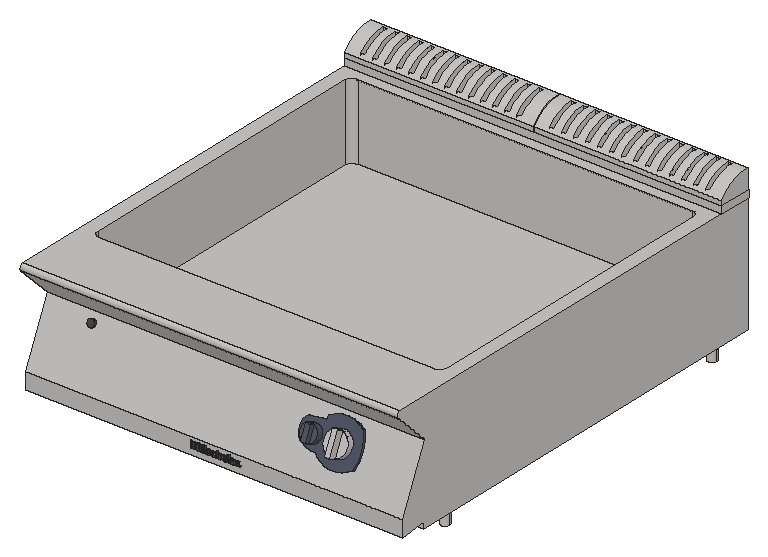
Revit family "QF_ELECTROLUXPROFESSIONAL_391110_E9BMGHB000", category Specialty Equipment, Revit 2018
Family settings
  Round Connector Dimension = Use Diameter
  Part Type = Normal
  Work Plane-Based = No
  Always vertical = Yes
  Cut with Voids When Loaded = No
  Shared = No
  Room Calculation Point = No
Parameters
  Width = 800 mm  # constant formula
  Weight in Pounds = 45  # constant formula
  Watts = 0 W
  Waste Water Discharge Temperature [instance] = -459.67 °F
  URL Cutsheet = "www.electrolux.com"
  URL = "www.electrolux.com"
  Type Mark [instance] = ""
  Status [instance] = ""
  Specification by User [instance] = ""
  Specification by Manufacturer = ""
  Show Logo [instance] = yes
  Show Clearance [instance] = yes
  Serial Number = ""
  Seismic Rating = ""
  SMACNA No = ""
  Revision Code [instance] = ""
  Plumbing Remarks [instance] = ""
  Plumbing Connection Type [instance] = ""
  Omniclass Number and Title = ""
  NAFEM Spec ID Number = ""
  Model = "391110"
  Mechanical Remarks [instance] = ""
  Mechanical Connection Type [instance] = ""
  Masterspec = ""
  Manufacturer = "ELECTROLUX"
  Item Number [instance] = ""
  Installed By [instance] = ""
  Indirect Waste Size = 50 mm  # 1.9685"
  Indirect Waste Flow [instance] = 0 GPM
  Indirect Waste Connection Type [instance] = ""
  Indirect Waste Connection Height [instance] = 0 mm
  Identify Quantity as Lot [instance] = yes
  Height [instance] = 251 mm  # constant formula
  HP = "0 HP"
  Gas Size = 19.1 mm  # 0.75197"
  Gas RI Height [instance] = 0 mm
  Gas KW [instance] = 6.2  # constant formula
  Gas Input [instance] = 6194.29 VA  # 21135.8 Btu/h
  Gas Connection Height = 0 mm
  Furnished By [instance] = ""
  Foodservice Equipment Identifier [instance] = yes
  Direct Waste Size = 3/4"
  Description = "900XP GAS BAIN MARIE TOP, FULL MODULE - NATURAL/LPG GAS"
  Depth = 930 mm  # constant formula
  CSI MasterFormat = ""
  CSI Master Format = ""
Reference planes
  plane 1 "BACK": y = 0
  plane 2: z = 0
  plane 3 "LEFT": x = 0
  plane 4 "RIGHT": x = 800
  plane 5 "FRONT": y = -930
  plane 6 "TOP": z = 275
  plane 7 "Center Y": x = 400
  plane 8 "Center X": y = -465
  plane 9: z = 24
  plane 10: x = 748
  plane 11: z = 332
  plane 12: x = 11
  plane 13: x = 789
  plane 14: y = -92.539
  plane 15: y = -777.539
  plane 16: x = 675
Forms (mm)
  Extrusion 1, solid, material "QF_Finishes_Stainless Steel"
    sketch origin (0, 0, 0) x (0, 1, 0) y (0, 0, 1)
      loop
        line (0, 275) -> (-922.686, 275)
        arc (-922.686, 275) -> (-929.443, 270.485) -> (-927.858, 262.514) r 7.314
        line (-927.858, 262.514) -> (-856.79, 191.447) -> (-915, 64.975) -> (-915, 30.708) -> (-859.774, 36.513) -> (-859.774, 24) -> (0, 24) -> (0, 275)
    from 0 to 800
  Extrusion 2, solid, material "QF_Finishes_Stainless Steel"
    sketch origin (0, 0, 0) x (1, 0, 0) y (0, 1, 0)
      loop
        circle (11, -82) r 9.525
      loop
        circle (11, -790) r 9.525
      loop
        circle (789, -82) r 9.525
      loop
        circle (789, -790) r 9.525
    from 0 to 24
  Extrusion 3, solid, material "QF_Finishes_Stainless Steel"
    sketch origin (0, 0, 275) x (0, -1, 0) y (1, 0, 0)
      loop
        line (69.85, 0) -> (69.85, 800) -> (0, 800) -> (0, 0) -> (69.85, 0)
    from 0 to 15
  Extrusion 4, void
    sketch origin (0, 0, 275) x (0, -1, 0) y (1, 0, 0)
      loop
        arc (92.539, 45) -> (96.932, 34.393) -> (107.539, 30) r 15
        line (107.539, 30) -> (762.539, 30)
        arc (762.539, 30) -> (773.145, 34.393) -> (777.539, 45) r 15
        line (777.539, 45) -> (777.539, 755)
        arc (777.539, 755) -> (773.145, 765.607) -> (762.539, 770) r 15
        line (762.539, 770) -> (107.539, 770)
        arc (107.539, 770) -> (96.932, 765.607) -> (92.539, 755) r 15
        line (92.539, 755) -> (92.539, 45)
    from 0 to -160
  Extrusion 5, solid, material "QF_Finishes_Stainless Steel"
    sketch origin (0, -140.6, 24) x (-1, 0, 0) y (0, 1, 0)
      loop
        circle (-748, -523.4) r 9.525
    from 0 to 20
  Extrusion 6, solid, material "QF_Clearances", visible <- "Show Clearance", detail levels coarse
    sketch origin (0, 0, 0) x (1, 0, 0) y (0, 1, 0)
      loop
        line (0, 0) -> (800, 0) -> (800, -930) -> (950, -930) -> (950, 150) -> (-150, 150) -> (-150, -930) -> (0, -930) -> (0, 0)
    from 0 to 332
  Extrusion 7, solid, material "QF_Finishes_Stainless Steel"
    sketch origin (-10.353, -15.237, 24) x (-1, 0, 0) y (0, 1, 0)
      loop
        circle (-685.353, -122.763) r 25
    from 0 to 20
  Extrusion 8, solid, material "QF_Finishes_Stainless Steel"
    sketch origin (0, 0, 0.362) x (0, 1, 0) y (0, 0, 1)
      loop
        line (0, 289.637) -> (0, 331.738)
        arc (0, 331.738) -> (-38.857, 324.552) -> (-69.85, 300.038) r 82.056
        line (-69.85, 300.038) -> (-69.85, 289.637) -> (0, 289.637)
    from 0 to 400
  Extrusion 9, void
    sketch origin (0, 0, 275) x (0, -1, 0) y (1, 0, 0)
      loop
        line (6.761, 29.703) -> (63.911, 29.703) -> (63.911, 38.999) -> (6.761, 38.999) -> (6.761, 29.703)
      loop
        line (63.911, 64.487) -> (6.761, 64.487) -> (6.761, 55.191) -> (63.911, 55.191) -> (63.911, 64.487)
      loop
        line (63.911, 89.975) -> (6.761, 89.975) -> (6.761, 80.68) -> (63.911, 80.68) -> (63.911, 89.975)
      loop
        line (63.911, 115.464) -> (6.761, 115.464) -> (6.761, 106.168) -> (63.911, 106.168) -> (63.911, 115.464)
      loop
        line (63.911, 140.952) -> (6.761, 140.952) -> (6.761, 131.656) -> (63.911, 131.656) -> (63.911, 140.952)
      loop
        line (63.911, 166.44) -> (6.761, 166.44) -> (6.761, 157.145) -> (63.911, 157.145) -> (63.911, 166.44)
      loop
        line (63.911, 191.929) -> (6.761, 191.929) -> (6.761, 182.633) -> (63.911, 182.633) -> (63.911, 191.929)
      loop
        line (63.911, 217.417) -> (6.761, 217.417) -> (6.761, 208.121) -> (63.911, 208.121) -> (63.911, 217.417)
      loop
        line (63.911, 242.905) -> (6.761, 242.905) -> (6.761, 233.61) -> (63.911, 233.61) -> (63.911, 242.905)
      loop
        line (63.911, 268.394) -> (6.761, 268.394) -> (6.761, 259.098) -> (63.911, 259.098) -> (63.911, 268.394)
      loop
        line (63.911, 293.882) -> (6.761, 293.882) -> (6.761, 284.586) -> (63.911, 284.586) -> (63.911, 293.882)
      loop
        line (63.911, 319.37) -> (6.761, 319.37) -> (6.761, 310.075) -> (63.911, 310.075) -> (63.911, 319.37)
      loop
        line (63.911, 344.859) -> (6.761, 344.859) -> (6.761, 335.563) -> (63.911, 335.563) -> (63.911, 344.859)
      loop
        line (63.911, 370.347) -> (6.761, 370.347) -> (6.761, 361.051) -> (63.911, 361.051) -> (63.911, 370.347)
    from 25.4 to 63.5
  Extrusion 10, solid, material "QF_Finishes_Navy Blue"
    sketch origin (101.789, -908.962, 78.095) x (0, 0.418102, 0.9084) y (-1, 0, 0)
      loop
        arc (104.355, -502.587) -> (101.326, -501.258) -> (98.25, -500.039) r 91.066
        arc (98.25, -500.039) -> (96.592, -482.449) -> (93.213, -465.107) r 179.528
        arc (93.213, -465.107) -> (69.244, -452.795) -> (45.274, -465.107) r 29.489
        arc (45.274, -465.107) -> (38.909, -481.441) -> (37.449, -498.912) r 61.044
        arc (37.449, -498.912) -> (34.471, -499.962) -> (31.532, -501.116) r 91.066
        arc (31.532, -501.116) -> (19.517, -540.223) -> (32.929, -578.873) r 65.817
        arc (32.929, -578.873) -> (68.105, -585.173) -> (102.996, -577.452) r 91.066
        arc (102.996, -577.452) -> (115.418, -540.233) -> (104.355, -502.587) r 65.546
    from 0 to 3.175
  Extrusion 11, solid, material "QF_Finishes_Stainless Steel"
    sketch origin (480.539, -912.675, 77.62) x (0, 0.418102, 0.9084) y (-1, 0, 0)
      loop
        circle (68.826, -160.963) r 25.4
    from 0 to 12.7
  Extrusion 12, solid, material "QF_Finishes_Stainless Steel"
    sketch origin (480.539, -924.212, 82.93) x (0, 0.418102, 0.9084) y (-1, 0, 0)
      loop
        arc (93.558, -166.749) -> (94.226, -160.963) -> (93.558, -155.177) r 25.4
        line (93.558, -155.177) -> (44.094, -155.177)
        arc (44.094, -155.177) -> (43.426, -160.963) -> (44.094, -166.749) r 25.4
        line (44.094, -166.749) -> (93.558, -166.749)
    from 0 to 12.7
  Extrusion 13, solid, material "QF_Finishes_Navy Blue"
    sketch origin (423.039, -912.675, 77.62) x (0, 0.418102, 0.9084) y (-1, 0, 0)
      loop
        circle (68.826, -160.963) r 18.37
    from 0 to 12.7
  Extrusion 14, solid, material "QF_Finishes_Navy Blue"
    sketch origin (421.748, -924.212, 82.93) x (0, 0.418102, 0.9084) y (-1, 0, 0)
      loop
        arc (84.808, -167.687) -> (85.476, -161.901) -> (84.808, -156.114) r 25.4
        line (84.808, -156.114) -> (52.844, -156.114)
        arc (52.844, -156.114) -> (52.176, -161.901) -> (52.844, -167.687) r 25.4
        line (52.844, -167.687) -> (84.808, -167.687)
    from 0 to 8.112
  Extrusion 15, solid, material "QF_Finishes_Navy Blue", visible <- "Show Logo"
    sketch origin (62.127, -915, 37.253) x (0, 0, 1) y (-1, 0, 0)
      loop
        line (20.674, -296.698) -> (8.307, -296.698)
        arc (8.307, -296.698) -> (14.491, -301.27) -> (20.674, -296.698) r 6.467
      loop
        arc (20.674, -296.069) -> (19.505, -290.926) -> (14.849, -288.448) r 6.338
        line (14.849, -288.448) -> (14.849, -290.494)
        arc (14.849, -290.494) -> (16.333, -294.149) -> (19.778, -296.069) r 5.941
        line (19.778, -296.069) -> (20.674, -296.069)
      loop
        arc (9.203, -296.069) -> (12.648, -294.149) -> (14.132, -290.494) r 5.941
        line (14.132, -290.494) -> (14.132, -288.448)
        arc (14.132, -288.448) -> (9.438, -290.922) -> (8.148, -296.069) r 6.504
        line (8.148, -296.069) -> (9.203, -296.069)
      loop
        line (21.349, -287.979) -> (7.604, -287.979) -> (7.604, -301.742) -> (21.349, -301.742) -> (21.349, -287.979)
      loop
        arc (21.432, -304.71) -> (21.085, -304.352) -> (20.718, -304.69) r 0.358
        arc (20.718, -304.69) -> (20.404, -305.44) -> (19.687, -305.825) r 1.216
        line (19.687, -305.825) -> (9.274, -305.825)
        arc (9.274, -305.825) -> (8.614, -305.548) -> (8.218, -304.951) r 1.238
        arc (8.218, -304.951) -> (7.823, -304.7) -> (7.518, -305.054) r 0.358
        line (7.518, -305.054) -> (7.518, -314.933) -> (10.269, -314.933) -> (10.269, -314.036)
        arc (10.269, -314.036) -> (9.36, -313.456) -> (8.904, -312.479) r 1.928
        line (8.904, -312.479) -> (8.904, -309.98)
        arc (8.904, -309.98) -> (9.18, -309.251) -> (9.868, -308.887) r 1.101
        line (9.868, -308.887) -> (13.955, -308.887) -> (13.955, -312.561)
        arc (13.955, -312.561) -> (13.602, -313.058) -> (13.037, -313.286) r 1.083
        arc (13.037, -313.286) -> (12.773, -313.591) -> (13.065, -313.869) r 0.292
        line (13.065, -313.869) -> (16.028, -313.869)
        arc (16.028, -313.869) -> (16.33, -313.596) -> (16.092, -313.266) r 0.305
        arc (16.092, -313.266) -> (15.601, -313.018) -> (15.296, -312.561) r 1.083
        line (15.296, -312.561) -> (15.296, -308.887) -> (19.973, -308.887) -> (19.973, -312.635)
        arc (19.973, -312.635) -> (19.759, -313.39) -> (19.153, -313.888) r 1.314
        arc (19.153, -313.888) -> (18.934, -314.292) -> (19.288, -314.585) r 0.361
        line (19.288, -314.585) -> (21.432, -314.585) -> (21.432, -304.71)
      loop
        arc (20.715, -315.365) -> (20.335, -316.284) -> (19.416, -316.664) r 1.299
        line (19.416, -316.664) -> (9.837, -316.664)
        arc (9.837, -316.664) -> (8.999, -316.286) -> (8.728, -315.408) r 1.118
        line (8.728, -315.408) -> (7.518, -315.408) -> (7.518, -320.758) -> (8.706, -320.758)
        arc (8.706, -320.758) -> (8.978, -319.841) -> (9.848, -319.445) r 1.153
        line (9.848, -319.445) -> (21.92, -319.445) -> (20.715, -315.365)
      loop
        line (12.483, -323.394) -> (12.483, -329.842) -> (13.282, -329.842)
        arc (13.282, -329.842) -> (15.862, -328.857) -> (17.131, -326.404) r 3.874
        line (17.131, -326.404) -> (17.131, -324.643)
        arc (17.131, -324.643) -> (15.944, -321.778) -> (13.08, -320.592) r 4.051
        line (13.08, -320.592) -> (11.072, -320.592)
        arc (11.072, -320.592) -> (8.253, -322.077) -> (7.202, -325.084) r 4.352
        arc (7.202, -325.084) -> (7.566, -327.547) -> (8.943, -329.621) r 5.713
        line (8.943, -329.621) -> (9.892, -329.621)
        arc (9.892, -329.621) -> (9.16, -328.052) -> (8.943, -326.334) r 5.579
        arc (8.943, -326.334) -> (9.737, -324.371) -> (11.616, -323.394) r 3.057
        line (11.616, -323.394) -> (12.483, -323.394)
      loop
        line (13.742, -323.394) -> (13.742, -326.977)
        arc (13.742, -326.977) -> (15.199, -327.024) -> (16.082, -325.864) r 1.59
        line (16.082, -325.864) -> (16.082, -325.034)
        arc (16.082, -325.034) -> (15.217, -323.779) -> (13.742, -323.394) r 2.184
      loop
        arc (16.533, -339.259) -> (17.022, -337.585) -> (17.179, -335.848) r 9.023
        line (17.179, -335.848) -> (17.179, -334.486)
        arc (17.179, -334.486) -> (16.02, -331.686) -> (13.22, -330.527) r 3.959
        line (13.22, -330.527) -> (10.62, -330.527)
        arc (10.62, -330.527) -> (8.338, -331.819) -> (7.221, -334.192) r 4.331
        line (7.221, -334.192) -> (7.221, -336.327)
        arc (7.221, -336.327) -> (7.729, -337.877) -> (8.651, -339.223) r 5.772
        arc (8.651, -339.223) -> (9.412, -339.274) -> (9.499, -338.515) r 0.553
        arc (9.499, -338.515) -> (9.111, -337.781) -> (8.977, -336.962) r 2.573
        line (8.977, -336.962) -> (8.977, -335.447)
        arc (8.977, -335.447) -> (9.983, -333.806) -> (11.798, -333.163) r 2.884
        line (11.798, -333.163) -> (13.077, -333.163)
        arc (13.077, -333.163) -> (14.898, -333.723) -> (15.824, -335.388) r 2.554
        line (15.824, -335.388) -> (15.824, -336.441)
        arc (15.824, -336.441) -> (15.493, -337.369) -> (14.836, -338.104) r 2.564
        arc (14.836, -338.104) -> (14.614, -338.821) -> (15.223, -339.259) r 0.643
        line (15.223, -339.259) -> (16.533, -339.259)
      loop
        line (15.515, -339.53) -> (15.515, -341.031) -> (9.467, -341.031)
        arc (9.467, -341.031) -> (7.879, -341.688) -> (7.221, -343.276) r 2.246
        line (7.221, -343.276) -> (7.221, -344.86)
        arc (7.221, -344.86) -> (7.535, -345.725) -> (8.035, -346.496) r 4.06
        arc (8.035, -346.496) -> (8.768, -346.629) -> (9.019, -345.928) r 0.576
        arc (9.019, -345.928) -> (8.913, -345.403) -> (8.977, -344.87) r 1.69
        arc (8.977, -344.87) -> (9.519, -344.082) -> (10.425, -343.779) r 1.506
        line (10.425, -343.779) -> (15.563, -343.779) -> (15.563, -346.176) -> (16.119, -346.733) -> (16.941, -346.733) -> (16.941, -343.873) -> (20.172, -343.873) -> (15.515, -339.53)
      loop
        line (7.438, -347.63) -> (7.438, -353.017) -> (8.548, -353.017)
        arc (8.548, -353.017) -> (8.942, -352.066) -> (9.893, -351.672) r 1.345
        line (9.893, -351.672) -> (13.509, -351.672)
        arc (13.509, -351.672) -> (14.274, -352.264) -> (14.564, -353.186) r 1.615
        line (14.564, -353.186) -> (14.564, -354.742) -> (17.119, -355.427) -> (17.119, -354.044) -> (15.177, -351.485) -> (17.057, -351.485) -> (16.773, -348.779)
        arc (16.773, -348.779) -> (16.333, -348.249) -> (15.674, -348.45) r 0.621
        arc (15.674, -348.45) -> (15.274, -348.792) -> (14.78, -348.975) r 1.501
        line (14.78, -348.975) -> (9.893, -348.975)
        arc (9.893, -348.975) -> (8.942, -348.581) -> (8.548, -347.63) r 1.345
        line (8.548, -347.63) -> (7.438, -347.63)
      loop
        line (13.54, -354.964) -> (10.848, -354.964)
        arc (10.848, -354.964) -> (8.403, -356.272) -> (7.269, -358.803) r 4.288
        arc (7.269, -358.803) -> (7.205, -360.183) -> (7.269, -361.563) r 15.022
        arc (7.269, -361.563) -> (8.403, -364.094) -> (10.848, -365.401) r 4.288
        line (10.848, -365.401) -> (13.54, -365.401)
        arc (13.54, -365.401) -> (15.986, -364.094) -> (17.119, -361.563) r 4.288
        arc (17.119, -361.563) -> (17.183, -360.183) -> (17.119, -358.803) r 15.022
        arc (17.119, -358.803) -> (15.986, -356.272) -> (13.54, -354.964) r 4.288
      loop
        line (13.745, -358.078) -> (10.643, -358.078)
        arc (10.643, -358.078) -> (8.486, -360.235) -> (10.643, -362.392) r 2.157
        line (10.643, -362.392) -> (13.745, -362.392)
        arc (13.745, -362.392) -> (15.902, -360.235) -> (13.745, -358.078) r 2.157
      loop
        arc (20.726, -365.26) -> (20.355, -366.154) -> (19.461, -366.524) r 1.264
        line (19.461, -366.524) -> (9.597, -366.524)
        arc (9.597, -366.524) -> (8.727, -366.127) -> (8.455, -365.211) r 1.153
        line (8.455, -365.211) -> (7.518, -365.211) -> (7.518, -370.319) -> (8.446, -370.319)
        arc (8.446, -370.319) -> (8.805, -369.547) -> (9.597, -369.232) r 1.153
        line (9.597, -369.232) -> (21.92, -369.232) -> (20.726, -365.26)
      loop
        arc (15.846, -369.857) -> (15.647, -370.921) -> (14.678, -371.403) r 1.215
        line (14.678, -371.403) -> (9.658, -371.403)
        arc (9.658, -371.403) -> (8.043, -372.051) -> (7.322, -373.634) r 2.338
        line (7.322, -373.634) -> (7.322, -375.148)
        arc (7.322, -375.148) -> (7.497, -376.152) -> (7.999, -377.038) r 2.979
        line (7.999, -377.038) -> (7.518, -378.835) -> (7.518, -380.524) -> (16.943, -380.524) -> (16.649, -376.32) -> (15.863, -376.32)
        arc (15.863, -376.32) -> (15.507, -377.156) -> (14.755, -377.665) r 1.605
        line (14.755, -377.665) -> (9.652, -377.665)
        arc (9.652, -377.665) -> (9.232, -376.728) -> (9.159, -375.704) r 2.94
        arc (9.159, -375.704) -> (9.72, -374.603) -> (10.873, -374.16) r 1.724
        line (10.873, -374.16) -> (17.07, -374.16) -> (15.846, -369.857)
      loop
        line (16.874, -381.377) -> (15.202, -383.423) -> (12.028, -385.729) -> (8.572, -382.617)
        arc (8.572, -382.617) -> (8.335, -382.223) -> (8.357, -381.764) r 0.789
        line (8.357, -381.764) -> (7.518, -381.764) -> (7.518, -385.309) -> (8.344, -385.309)
        arc (8.344, -385.309) -> (8.686, -384.947) -> (9.176, -385.039) r 0.52
        line (9.176, -385.039) -> (10.976, -386.51) -> (8.858, -387.886)
        arc (8.858, -387.886) -> (8.457, -387.576) -> (8.37, -387.076) r 0.7
        line (8.37, -387.076) -> (7.518, -387.076) -> (7.518, -393.003) -> (8.405, -393.003)
        arc (8.405, -393.003) -> (8.472, -392.344) -> (8.866, -391.813) r 1.247
        line (8.866, -391.813) -> (13.066, -388.532) -> (15.513, -390.585) -> (16.874, -392.327) -> (16.874, -388.604) -> (15.389, -389.026) -> (13.868, -387.749) -> (15.568, -386.559) -> (16.874, -387.336) -> (16.874, -381.377)
    from 0 to 1.644
  Extrusion 16, solid, material "QF_Finishes_Black"
    sketch origin (0, -915, 64.975) x (0, 0.418102, 0.9084) y (-1, 0, 0)
      loop
        circle (117.556, -101.317) r 7.5
    from 0 to 4
  Extrusion 17, solid, material "QF_Finishes_Stainless Steel"
    sketch origin (800, 0, 0.362) x (0, 1, 0) y (0, 0, -1)
      loop
        line (0, -289.637) -> (-69.85, -289.637) -> (-69.85, -300.038)
        arc (-69.85, -300.038) -> (-38.857, -324.552) -> (0, -331.738) r 82.056
        line (0, -331.738) -> (0, -289.637)
    from 0 to 400
  Extrusion 18, void
    sketch origin (800, 0, 275) x (0, -1, 0) y (1, 0, 0)
      loop
        line (6.761, -29.703) -> (6.761, -38.999) -> (63.911, -38.999) -> (63.911, -29.703) -> (6.761, -29.703)
      loop
        line (63.911, -64.487) -> (63.911, -55.191) -> (6.761, -55.191) -> (6.761, -64.487) -> (63.911, -64.487)
      loop
        line (63.911, -89.975) -> (63.911, -80.68) -> (6.761, -80.68) -> (6.761, -89.975) -> (63.911, -89.975)
      loop
        line (63.911, -115.464) -> (63.911, -106.168) -> (6.761, -106.168) -> (6.761, -115.464) -> (63.911, -115.464)
      loop
        line (63.911, -140.952) -> (63.911, -131.656) -> (6.761, -131.656) -> (6.761, -140.952) -> (63.911, -140.952)
      loop
        line (63.911, -166.44) -> (63.911, -157.145) -> (6.761, -157.145) -> (6.761, -166.44) -> (63.911, -166.44)
      loop
        line (63.911, -191.929) -> (63.911, -182.633) -> (6.761, -182.633) -> (6.761, -191.929) -> (63.911, -191.929)
      loop
        line (63.911, -217.417) -> (63.911, -208.121) -> (6.761, -208.121) -> (6.761, -217.417) -> (63.911, -217.417)
      loop
        line (63.911, -242.905) -> (63.911, -233.61) -> (6.761, -233.61) -> (6.761, -242.905) -> (63.911, -242.905)
      loop
        line (63.911, -268.394) -> (63.911, -259.098) -> (6.761, -259.098) -> (6.761, -268.394) -> (63.911, -268.394)
      loop
        line (63.911, -293.882) -> (63.911, -284.586) -> (6.761, -284.586) -> (6.761, -293.882) -> (63.911, -293.882)
      loop
        line (63.911, -319.37) -> (63.911, -310.075) -> (6.761, -310.075) -> (6.761, -319.37) -> (63.911, -319.37)
      loop
        line (63.911, -344.859) -> (63.911, -335.563) -> (6.761, -335.563) -> (6.761, -344.859) -> (63.911, -344.859)
      loop
        line (63.911, -370.347) -> (63.911, -361.051) -> (6.761, -361.051) -> (6.761, -370.347) -> (63.911, -370.347)
    from 25.4 to 63.5
Cuts and joins
  Extrusion 4, Extrusion 9 cuts Extrusion 1
  Extrusion 9, Extrusion 18 cuts Extrusion 8
  Extrusion 18 cuts Extrusion 17
Lines and regions (mm)
  symbolic lines, style "QF_Clearances", visible <- "Show Clearance", detail levels coarse
    curve 1: line (950, -930, 0) -> (950, 150, 0)
    curve 2: line (950, 150, 0) -> (-150, 150, 0)
    curve 3: line (-150, 150, 0) -> (-150, -930, 0)
  symbolic lines
    curve 4: line (0, -930, 0) -> (800, -930, 0)
    curve 5: line (800, -930, 0) -> (800, 0, 0)
    curve 6: line (800, 0, 0) -> (0, 0, 0)
    curve 7: line (0, 0, 0) -> (0, -930, 0)
    curve 8: line (38.999, -6.761, 0) -> (38.999, -63.911, 0)
    curve 9: line (38.999, -63.911, 0) -> (29.703, -63.911, 0)
    curve 10: line (29.703, -63.911, 0) -> (29.703, -6.761, 0)
    curve 11: line (29.703, -6.761, 0) -> (38.999, -6.761, 0)
    curve 12: line (55.191, -63.911, 0) -> (55.191, -6.761, 0)
    curve 13: line (55.191, -6.761, 0) -> (64.487, -6.761, 0)
    curve 14: line (64.487, -6.761, 0) -> (64.487, -63.911, 0)
    curve 15: line (64.487, -63.911, 0) -> (55.191, -63.911, 0)
    curve 16: line (89.975, -6.761, 0) -> (89.975, -63.911, 0)
    curve 17: line (89.975, -63.911, 0) -> (80.68, -63.911, 0)
    curve 18: line (80.68, -63.911, 0) -> (80.68, -6.761, 0)
    curve 19: line (80.68, -6.761, 0) -> (89.975, -6.761, 0)
    curve 20: line (115.464, -6.761, 0) -> (115.464, -63.911, 0)
    curve 21: line (115.464, -63.911, 0) -> (106.168, -63.911, 0)
    curve 22: line (106.168, -63.911, 0) -> (106.168, -6.761, 0)
    curve 23: line (106.168, -6.761, 0) -> (115.464, -6.761, 0)
    curve 24: line (140.952, -6.761, 0) -> (140.952, -63.911, 0)
    curve 25: line (140.952, -63.911, 0) -> (131.656, -63.911, 0)
    curve 26: line (131.656, -63.911, 0) -> (131.656, -6.761, 0)
    curve 27: line (131.656, -6.761, 0) -> (140.952, -6.761, 0)
    curve 28: line (166.44, -6.761, 0) -> (166.44, -63.911, 0)
    curve 29: line (166.44, -63.911, 0) -> (157.145, -63.911, 0)
    curve 30: line (157.145, -63.911, 0) -> (157.145, -6.761, 0)
    curve 31: line (157.145, -6.761, 0) -> (166.44, -6.761, 0)
    curve 32: line (30, -107.539, 0) -> (30, -762.539, 0)
    curve 33: arc (30, -762.539, 0) -> (34.393, -773.145, 0) -> (45, -777.539, 0) r 15
    curve 34: line (45, -777.539, 0) -> (755, -777.539, 0)
    curve 35: arc (755, -777.539, 0) -> (765.607, -773.145, 0) -> (770, -762.539, 0) r 15
    curve 36: line (770, -762.539, 0) -> (770, -107.539, 0)
    curve 37: arc (770, -107.539, 0) -> (765.607, -96.932, 0) -> (755, -92.539, 0) r 15
    curve 38: line (755, -92.539, 0) -> (45, -92.539, 0)
    curve 39: arc (45, -92.539, 0) -> (34.393, -96.932, 0) -> (30, -107.539, 0) r 15
    curve 40: line (0, -69.85, 0) -> (800, -69.85, 0)
    curve 41: line (182.633, -63.911, 0) -> (182.633, -6.761, 0)
    curve 42: line (182.633, -6.761, 0) -> (191.929, -6.761, 0)
    curve 43: line (191.929, -6.761, 0) -> (191.929, -63.911, 0)
    curve 44: line (191.929, -63.911, 0) -> (182.633, -63.911, 0)
    curve 45: line (284.536, -6.761, 0) -> (284.536, -63.911, 0)
    curve 46: line (284.536, -63.911, 0) -> (293.832, -63.911, 0)
    curve 47: line (293.832, -63.911, 0) -> (293.832, -6.761, 0)
    curve 48: line (293.832, -6.761, 0) -> (284.536, -6.761, 0)
    curve 49: line (259.048, -6.761, 0) -> (259.048, -63.911, 0)
    curve 50: line (259.048, -63.911, 0) -> (268.344, -63.911, 0)
    curve 51: line (268.344, -63.911, 0) -> (268.344, -6.761, 0)
    curve 52: line (268.344, -6.761, 0) -> (259.048, -6.761, 0)
    curve 53: line (233.56, -6.761, 0) -> (233.56, -63.911, 0)
    curve 54: line (233.56, -63.911, 0) -> (242.855, -63.911, 0)
    curve 55: line (242.855, -63.911, 0) -> (242.855, -6.761, 0)
    curve 56: line (242.855, -6.761, 0) -> (233.56, -6.761, 0)
    curve 57: line (208.071, -6.761, 0) -> (208.071, -63.911, 0)
    curve 58: line (208.071, -63.911, 0) -> (217.367, -63.911, 0)
    curve 59: line (217.367, -63.911, 0) -> (217.367, -6.761, 0)
    curve 60: line (217.367, -6.761, 0) -> (208.071, -6.761, 0)
    curve 61: line (310.075, -6.761, 0) -> (310.075, -63.911, 0)
    curve 62: line (310.075, -63.911, 0) -> (319.37, -63.911, 0)
    curve 63: line (319.37, -63.911, 0) -> (319.37, -6.761, 0)
    curve 64: line (319.37, -6.761, 0) -> (310.075, -6.761, 0)
    curve 65: line (335.563, -6.761, 0) -> (335.563, -63.911, 0)
    curve 66: line (335.563, -63.911, 0) -> (344.859, -63.911, 0)
    curve 67: line (344.859, -63.911, 0) -> (344.859, -6.761, 0)
    curve 68: line (344.859, -6.761, 0) -> (335.563, -6.761, 0)
    curve 69: line (361.051, -6.761, 0) -> (361.051, -63.911, 0)
    curve 70: line (361.051, -63.911, 0) -> (370.347, -63.911, 0)
    curve 71: line (370.347, -63.911, 0) -> (370.347, -6.761, 0)
    curve 72: line (370.347, -6.761, 0) -> (361.051, -6.761, 0)
    curve 73: line (761.001, -6.761, 0) -> (761.001, -63.911, 0)
    curve 74: line (761.001, -63.911, 0) -> (770.297, -63.911, 0)
    curve 75: line (770.297, -63.911, 0) -> (770.297, -6.761, 0)
    curve 76: line (770.297, -6.761, 0) -> (761.001, -6.761, 0)
    curve 77: line (744.809, -63.911, 0) -> (744.809, -6.761, 0)
    curve 78: line (744.809, -6.761, 0) -> (735.513, -6.761, 0)
    curve 79: line (735.513, -6.761, 0) -> (735.513, -63.911, 0)
    curve 80: line (735.513, -63.911, 0) -> (744.809, -63.911, 0)
    curve 81: line (710.025, -6.761, 0) -> (710.025, -63.911, 0)
    curve 82: line (710.025, -63.911, 0) -> (719.32, -63.911, 0)
    curve 83: line (719.32, -63.911, 0) -> (719.32, -6.761, 0)
    curve 84: line (719.32, -6.761, 0) -> (710.025, -6.761, 0)
    curve 85: line (684.536, -6.761, 0) -> (684.536, -63.911, 0)
    curve 86: line (684.536, -63.911, 0) -> (693.832, -63.911, 0)
    curve 87: line (693.832, -63.911, 0) -> (693.832, -6.761, 0)
    curve 88: line (693.832, -6.761, 0) -> (684.536, -6.761, 0)
    curve 89: line (659.048, -6.761, 0) -> (659.048, -63.911, 0)
    curve 90: line (659.048, -63.911, 0) -> (668.344, -63.911, 0)
    curve 91: line (668.344, -63.911, 0) -> (668.344, -6.761, 0)
    curve 92: line (668.344, -6.761, 0) -> (659.048, -6.761, 0)
    curve 93: line (633.56, -6.761, 0) -> (633.56, -63.911, 0)
    curve 94: line (633.56, -63.911, 0) -> (642.855, -63.911, 0)
    curve 95: line (642.855, -63.911, 0) -> (642.855, -6.761, 0)
    curve 96: line (642.855, -6.761, 0) -> (633.56, -6.761, 0)
    curve 97: line (617.367, -63.911, 0) -> (617.367, -6.761, 0)
    curve 98: line (617.367, -6.761, 0) -> (608.071, -6.761, 0)
    curve 99: line (608.071, -6.761, 0) -> (608.071, -63.911, 0)
    curve 100: line (608.071, -63.911, 0) -> (617.367, -63.911, 0)
    curve 101: line (515.464, -6.761, 0) -> (515.464, -63.911, 0)
    curve 102: line (515.464, -63.911, 0) -> (506.168, -63.911, 0)
    curve 103: line (506.168, -63.911, 0) -> (506.168, -6.761, 0)
    curve 104: line (506.168, -6.761, 0) -> (515.464, -6.761, 0)
    curve 105: line (540.952, -6.761, 0) -> (540.952, -63.911, 0)
    curve 106: line (540.952, -63.911, 0) -> (531.656, -63.911, 0)
    curve 107: line (531.656, -63.911, 0) -> (531.656, -6.761, 0)
    curve 108: line (531.656, -6.761, 0) -> (540.952, -6.761, 0)
    curve 109: line (566.44, -6.761, 0) -> (566.44, -63.911, 0)
    curve 110: line (566.44, -63.911, 0) -> (557.145, -63.911, 0)
    curve 111: line (557.145, -63.911, 0) -> (557.145, -6.761, 0)
    curve 112: line (557.145, -6.761, 0) -> (566.44, -6.761, 0)
    curve 113: line (591.929, -6.761, 0) -> (591.929, -63.911, 0)
    curve 114: line (591.929, -63.911, 0) -> (582.633, -63.911, 0)
    curve 115: line (582.633, -63.911, 0) -> (582.633, -6.761, 0)
    curve 116: line (582.633, -6.761, 0) -> (591.929, -6.761, 0)
    curve 117: line (489.925, -6.761, 0) -> (489.925, -63.911, 0)
    curve 118: line (489.925, -63.911, 0) -> (480.63, -63.911, 0)
    curve 119: line (480.63, -63.911, 0) -> (480.63, -6.761, 0)
    curve 120: line (480.63, -6.761, 0) -> (489.925, -6.761, 0)
    curve 121: line (464.437, -6.761, 0) -> (464.437, -63.911, 0)
    curve 122: line (464.437, -63.911, 0) -> (455.141, -63.911, 0)
    curve 123: line (455.141, -63.911, 0) -> (455.141, -6.761, 0)
    curve 124: line (455.141, -6.761, 0) -> (464.437, -6.761, 0)
    curve 125: line (438.949, -6.761, 0) -> (438.949, -63.911, 0)
    curve 126: line (438.949, -63.911, 0) -> (429.653, -63.911, 0)
    curve 127: line (429.653, -63.911, 0) -> (429.653, -6.761, 0)
    curve 128: line (429.653, -6.761, 0) -> (438.949, -6.761, 0)
    curve 129: line (400, -69.85, 0) -> (400, 0, 0)
Dimensions and locks
  equal spacing: plane 3 "LEFT", plane 7 "Center Y", plane 4 "RIGHT"
  "Width": plane 3 "LEFT" to plane 4 "RIGHT"
  equal spacing: plane 5 "FRONT", plane 8 "Center X", plane 1 "BACK"
  "Depth": plane 5 "FRONT" to plane 1 "BACK"
  plane 9 to level = 24 mm  (x2)
  plane 10 to plane 4 "RIGHT" = 52 mm  (x3)
  plane 12 to plane 3 "LEFT" = 11 mm
  locked: plane 13 to plane 4 "RIGHT" at 11
  plane 1 "BACK" to plane 5 "FRONT" = 930 mm
  Extrusion 5 to plane 9 = 20 mm
  plane 1 "BACK" to Extrusion 5 = 664 mm
  plane 1 "BACK" to Extrusion 2 to Extrusion 2 to plane 5 "FRONT" = 82 mm, 708 mm, 140 mm
  plane 12 to plane 13 = 778 mm
  plane 1 "BACK" to curve 2 = 150 mm
  plane 4 "RIGHT" to curve 1 = 150 mm
  curve 3 to plane 3 "LEFT" = 150 mm
  plane 1 "BACK" to cut or joined group of Extrusion 1, Extrusion 4, Extrusion 9 = 915 mm
  plane 11 to plane 6 "TOP" = 57 mm
  Extrusion 5 sketch curve to plane 1 "BACK" = 664 mm
  Extrusion 5 sketch curve to plane 4 "RIGHT" = 52 mm
  Extrusion 5 to plane 1 "BACK" = 664 mm
  plane 16 to plane 4 "RIGHT" = 125 mm
  "Height": plane 6 "TOP" to plane 9
  plane 11 to level = 332 mm
  plane 6 "TOP" to plane 9 = 251 mm
  Extrusion 7 sketch curve to plane 4 "RIGHT" = 125 mm
  Extrusion 7 sketch curve to plane 1 "BACK" = 138 mm
  Extrusion 7 to plane 1 "BACK" = 138 mm
  plane 1 "BACK" to Extrusion 7 = 138 mm
  aligned and locked: level to plane 2
  aligned and locked: Extrusion 1 to plane 4 "RIGHT"
Automatic sketch dimensions
  Extrusion 1 sketch curve to plane 6 "TOP" = 0 mm
  Extrusion 1 sketch curve to plane 9 = 0 mm
  Extrusion 1 sketch curve to plane 1 "BACK" = 0 mm
  Extrusion 1 sketch curve to plane 5 "FRONT" = 73.21 mm
  plane 9 to Extrusion 1 sketch curve = 12.513 mm
  Extrusion 1 sketch curve to plane 5 "FRONT" = 70.226 mm
  plane 9 to Extrusion 1 sketch curve = 6.708 mm
  Extrusion 1 sketch curve to plane 5 "FRONT" = 15 mm
  Extrusion 1 sketch curve to plane 5 "FRONT" = 7.314 mm
  Extrusion 1 sketch curve to plane 5 "FRONT" = 2.142 mm
  Extrusion 1 sketch curve to Extrusion 1 sketch curve = 34.267 mm
  Extrusion 1 sketch curve to plane 6 "TOP" = 83.553 mm
  Extrusion 1 sketch curve to plane 6 "TOP" = 12.486 mm
  Extrusion 2 sketch curve to plane 12 = 0 mm  (x2)
  Extrusion 2 sketch curve to plane 13 = 0 mm  (x2)
  Extrusion 2 sketch curve to plane 15 = 12.461 mm  (x2)
  plane 14 to Extrusion 2 sketch curve = 10.539 mm  (x2)
  Extrusion 3 sketch curve to Extrusion 1 = 0 mm  (x3)
  Extrusion 1 to Extrusion 3 sketch curve = 69.85 mm
  Extrusion 1 to Extrusion 4 sketch curve = 45 mm
  Extrusion 1 to Extrusion 4 sketch curve = 92.539 mm
  Extrusion 4 sketch curve to Extrusion 4 sketch curve = 15 mm  (x3)
  Extrusion 1 to Extrusion 4 sketch curve = 160.147 mm  (x2)
  Extrusion 1 to Extrusion 4 sketch curve = 30 mm
  plane 5 "FRONT" to Extrusion 6 sketch curve = 0 mm  (x2)
  Extrusion 6 sketch curve to plane 3 "LEFT" = 0 mm
  Extrusion 6 sketch curve to plane 4 "RIGHT" = 0 mm
  plane 1 "BACK" to Extrusion 6 sketch curve = 0 mm
  Extrusion 6 sketch curve to plane 3 "LEFT" = 150 mm
  Extrusion 6 sketch curve to plane 4 "RIGHT" = 150 mm
  Extrusion 6 sketch curve to plane 1 "BACK" = 150 mm
  Extrusion 8 sketch curve to plane 1 "BACK" = 0 mm
  plane 1 "BACK" to Extrusion 8 sketch curve = 4.947 mm
  plane 14 to Extrusion 8 sketch curve = 22.689 mm
  Extrusion 8 sketch curve to plane 6 "TOP" = 24.807 mm
  plane 6 "TOP" to Extrusion 8 sketch curve = 15 mm
  Extrusion 8 sketch curve to Extrusion 8 sketch curve = 10.4 mm
  plane 1 "BACK" to Extrusion 9 sketch curve = 6.761 mm  (x14)
  plane 14 to Extrusion 9 sketch curve = 28.628 mm
  Extrusion 9 sketch curve to Extrusion 9 sketch curve = 0 mm  (x13)
  plane 12 to Extrusion 9 sketch curve = 18.703 mm
  Extrusion 9 sketch curve to Extrusion 9 sketch curve = 9.296 mm  (x14)
  Extrusion 9 sketch curve to Extrusion 9 sketch curve = 16.193 mm  (x13)
  Extrusion 10 sketch curve to Extrusion 10 sketch curve = 0 mm  (x2)
  plane 16 to Extrusion 10 sketch curve = 65.138 mm
  Extrusion 10 sketch curve to Extrusion 10 sketch curve = 112.63 mm
  Extrusion 10 sketch curve to plane 16 = 5.663 mm
  Extrusion 10 sketch curve to Extrusion 10 sketch curve = 1.398 mm
  Extrusion 10 sketch curve to Extrusion 10 sketch curve = 5.918 mm
  Extrusion 10 sketch curve to Extrusion 10 sketch curve = 7.825 mm
  Extrusion 10 sketch curve to Extrusion 10 sketch curve = 12.433 mm
  Extrusion 10 sketch curve to plane 16 = 12.09 mm
  Extrusion 10 sketch curve to Extrusion 10 sketch curve = 33.329 mm
  Extrusion 10 sketch curve to Extrusion 10 sketch curve = 28.808 mm
  Extrusion 10 sketch curve to Extrusion 10 sketch curve = 2.986 mm
  Extrusion 10 sketch curve to Extrusion 10 sketch curve = 35.441 mm
  Extrusion 10 sketch curve to Extrusion 10 sketch curve = 23.969 mm
  Extrusion 10 sketch curve to Extrusion 10 sketch curve = 31.993 mm
  Extrusion 10 sketch curve to Extrusion 10 sketch curve = 0.131 mm
  Extrusion 10 sketch curve to plane 16 = 4.241 mm
  Extrusion 10 sketch curve to Extrusion 10 sketch curve = 36.738 mm
  Extrusion 10 sketch curve to Extrusion 10 sketch curve = 6.105 mm
  plane 16 to Extrusion 10 sketch curve = 34.168 mm
  plane 16 to Extrusion 10 sketch curve = 34.17 mm
  Extrusion 10 sketch curve to Extrusion 10 sketch curve = 11.842 mm
  Extrusion 12 sketch curve to Extrusion 12 sketch curve = 24.732 mm
  Extrusion 12 sketch curve to Extrusion 12 sketch curve = 0 mm
  Extrusion 14 sketch curve to Extrusion 14 sketch curve = 0 mm
  Extrusion 14 sketch curve to Extrusion 14 sketch curve = 7.232 mm  (x3)
  Extrusion 14 sketch curve to Extrusion 14 sketch curve = 17.5 mm
  Extrusion 14 sketch curve to Extrusion 14 sketch curve = 5.786 mm
  plane 9 to Extrusion 15 sketch curve = 15.413 mm
  plane 9 to Extrusion 15 sketch curve = 20.454 mm
  plane 7 "Center Y" to Extrusion 15 sketch curve = 6.986 mm
  Extrusion 15 sketch curve to Extrusion 15 sketch curve = 5.06 mm
  Extrusion 15 sketch curve to plane 7 "Center Y" = 3.681 mm
  Extrusion 15 sketch curve to Extrusion 15 sketch curve = 0 mm  (x28)
  Extrusion 15 sketch curve to Extrusion 15 sketch curve = 5.108 mm  (x2)
  Extrusion 15 sketch curve to Extrusion 15 sketch curve = 0.054 mm
  Extrusion 15 sketch curve to Extrusion 15 sketch curve = 0.218 mm
  Extrusion 15 sketch curve to Extrusion 15 sketch curve = 0.195 mm
  Extrusion 15 sketch curve to Extrusion 15 sketch curve = 0.249 mm
  Extrusion 15 sketch curve to Extrusion 15 sketch curve = 0.316 mm
  Extrusion 15 sketch curve to Extrusion 15 sketch curve = 0.087 mm
  Extrusion 15 sketch curve to Extrusion 15 sketch curve = 0.358 mm
  Extrusion 15 sketch curve to Extrusion 15 sketch curve = 0.481 mm
  Extrusion 15 sketch curve to Extrusion 15 sketch curve = 0.597 mm
  Extrusion 15 sketch curve to Extrusion 15 sketch curve = 0.544 mm
  Extrusion 15 sketch curve to Extrusion 15 sketch curve = 0.936 mm
  Extrusion 15 sketch curve to Extrusion 15 sketch curve = 0.594 mm
  Extrusion 15 sketch curve to Extrusion 15 sketch curve = 0.343 mm
  Extrusion 15 sketch curve to Extrusion 15 sketch curve = 0.159 mm
  Extrusion 15 sketch curve to Extrusion 15 sketch curve = 0.826 mm
  Extrusion 15 sketch curve to Extrusion 15 sketch curve = 0.839 mm
  Extrusion 15 sketch curve to Extrusion 15 sketch curve = 0.852 mm
  Extrusion 15 sketch curve to Extrusion 15 sketch curve = 0.887 mm
  Extrusion 15 sketch curve to Extrusion 15 sketch curve = 0.928 mm
  Extrusion 15 sketch curve to Extrusion 15 sketch curve = 0.938 mm
  Extrusion 15 sketch curve to Extrusion 15 sketch curve = 0.444 mm
  Extrusion 15 sketch curve to Extrusion 15 sketch curve = 1.11 mm  (x3)
  Extrusion 15 sketch curve to Extrusion 15 sketch curve = 0.215 mm
  plane 7 "Center Y" to Extrusion 15 sketch curve = 1.35 mm
  Extrusion 15 sketch curve to Extrusion 15 sketch curve = 1.43 mm
  Extrusion 15 sketch curve to Extrusion 15 sketch curve = 1.188 mm
  Extrusion 15 sketch curve to Extrusion 15 sketch curve = 1.21 mm  (x2)
  Extrusion 15 sketch curve to Extrusion 15 sketch curve = 0.503 mm
  Extrusion 15 sketch curve to Extrusion 15 sketch curve = 0.488 mm
  Extrusion 15 sketch curve to Extrusion 15 sketch curve = 0.462 mm
  Extrusion 15 sketch curve to Extrusion 15 sketch curve = 1.386 mm
  Extrusion 15 sketch curve to Extrusion 15 sketch curve = 1.742 mm  (x2)
  Extrusion 15 sketch curve to Extrusion 15 sketch curve = 0.821 mm
  Extrusion 15 sketch curve to Extrusion 15 sketch curve = 0.497 mm
  Extrusion 15 sketch curve to Extrusion 15 sketch curve = 0.539 mm
  Extrusion 15 sketch curve to Extrusion 15 sketch curve = 0.686 mm
  Extrusion 15 sketch curve to Extrusion 15 sketch curve = 0.408 mm
  Extrusion 15 sketch curve to Extrusion 15 sketch curve = 0.743 mm
  Extrusion 15 sketch curve to Extrusion 15 sketch curve = 1.16 mm
  Extrusion 15 sketch curve to Extrusion 15 sketch curve = 0.329 mm
  Extrusion 15 sketch curve to Extrusion 15 sketch curve = 1.054 mm
  Extrusion 15 sketch curve to Extrusion 15 sketch curve = 1.056 mm
  Extrusion 15 sketch curve to Extrusion 15 sketch curve = 0.129 mm
  Extrusion 15 sketch curve to Extrusion 15 sketch curve = 0.489 mm
  Extrusion 15 sketch curve to Extrusion 15 sketch curve = 0.441 mm
  Extrusion 15 sketch curve to Extrusion 15 sketch curve = 1.151 mm
  Extrusion 15 sketch curve to Extrusion 15 sketch curve = 1.141 mm  (x2)
  Extrusion 15 sketch curve to Extrusion 15 sketch curve = 0.768 mm
  Extrusion 15 sketch curve to Extrusion 15 sketch curve = 1.653 mm
  Extrusion 15 sketch curve to Extrusion 15 sketch curve = 0.499 mm
  Extrusion 15 sketch curve to Extrusion 15 sketch curve = 0.964 mm
  Extrusion 15 sketch curve to Extrusion 15 sketch curve = 0.949 mm
  Extrusion 15 sketch curve to Extrusion 15 sketch curve = 1.345 mm  (x2)
  Extrusion 15 sketch curve to Extrusion 15 sketch curve = 1.101 mm
  Extrusion 15 sketch curve to Extrusion 15 sketch curve = 0.432 mm
  Extrusion 15 sketch curve to Extrusion 15 sketch curve = 1.142 mm
  Extrusion 15 sketch curve to Extrusion 15 sketch curve = 0.959 mm
  Extrusion 15 sketch curve to Extrusion 15 sketch curve = 0.176 mm
  Extrusion 15 sketch curve to Extrusion 15 sketch curve = 0.728 mm
  Extrusion 15 sketch curve to Extrusion 15 sketch curve = 3.375 mm  (x2)
  Extrusion 15 sketch curve to Extrusion 15 sketch curve = 0.541 mm
  Extrusion 15 sketch curve to Extrusion 15 sketch curve = 0.955 mm
  Extrusion 15 sketch curve to Extrusion 15 sketch curve = 1.251 mm
  Extrusion 15 sketch curve to Extrusion 15 sketch curve = 0.572 mm
  Extrusion 15 sketch curve to Extrusion 15 sketch curve = 1.92 mm
  Extrusion 15 sketch curve to Extrusion 15 sketch curve = 1.224 mm
  Extrusion 15 sketch curve to Extrusion 15 sketch curve = 0.745 mm
  Extrusion 15 sketch curve to Extrusion 15 sketch curve = 2.537 mm
  Extrusion 15 sketch curve to Extrusion 15 sketch curve = 0.896 mm  (x3)
  Extrusion 15 sketch curve to plane 7 "Center Y" = 0.911 mm
  Extrusion 15 sketch curve to Extrusion 15 sketch curve = 2.607 mm
  Extrusion 15 sketch curve to Extrusion 15 sketch curve = 0.066 mm
  Extrusion 15 sketch curve to Extrusion 15 sketch curve = 0.248 mm
  Extrusion 15 sketch curve to Extrusion 15 sketch curve = 0.449 mm
  Extrusion 15 sketch curve to Extrusion 15 sketch curve = 1.052 mm
  Extrusion 15 sketch curve to Extrusion 15 sketch curve = 1.863 mm
  Extrusion 15 sketch curve to Extrusion 15 sketch curve = 1.31 mm  (x2)
  Extrusion 15 sketch curve to Extrusion 15 sketch curve = 0.901 mm
  Extrusion 15 sketch curve to Extrusion 15 sketch curve = 1.107 mm
  Extrusion 15 sketch curve to Extrusion 15 sketch curve = 2.122 mm
  Extrusion 15 sketch curve to Extrusion 15 sketch curve = 2.101 mm
  Extrusion 15 sketch curve to Extrusion 15 sketch curve = 0.106 mm
  Extrusion 15 sketch curve to Extrusion 15 sketch curve = 0.029 mm
  Extrusion 15 sketch curve to Extrusion 15 sketch curve = 2.09 mm
  Extrusion 15 sketch curve to Extrusion 15 sketch curve = 1.279 mm
  Extrusion 15 sketch curve to Extrusion 15 sketch curve = 2.008 mm
  Extrusion 15 sketch curve to Extrusion 15 sketch curve = 0.738 mm
  Extrusion 15 sketch curve to Extrusion 15 sketch curve = 0.382 mm
  Extrusion 15 sketch curve to Extrusion 15 sketch curve = 0.384 mm
  Extrusion 15 sketch curve to Extrusion 15 sketch curve = 0.002 mm
  Extrusion 15 sketch curve to Extrusion 15 sketch curve = 0.561 mm
  Extrusion 15 sketch curve to Extrusion 15 sketch curve = 0.592 mm
  Extrusion 15 sketch curve to Extrusion 15 sketch curve = 2.692 mm
  Extrusion 15 sketch curve to Extrusion 15 sketch curve = 1.259 mm
  Extrusion 15 sketch curve to Extrusion 15 sketch curve = 0.802 mm
  Extrusion 15 sketch curve to Extrusion 15 sketch curve = 1.024 mm
  Extrusion 15 sketch curve to Extrusion 15 sketch curve = 0.682 mm
  Extrusion 15 sketch curve to Extrusion 15 sketch curve = 5.934 mm
  Extrusion 15 sketch curve to Extrusion 15 sketch curve = 2.186 mm
  Extrusion 15 sketch curve to Extrusion 15 sketch curve = 0.337 mm
  Extrusion 15 sketch curve to Extrusion 15 sketch curve = 0.021 mm
  Extrusion 15 sketch curve to Extrusion 15 sketch curve = 1.005 mm
  Extrusion 15 sketch curve to Extrusion 15 sketch curve = 0.552 mm
  Extrusion 15 sketch curve to Extrusion 15 sketch curve = 0.778 mm
  Extrusion 15 sketch curve to Extrusion 15 sketch curve = 0.063 mm
  Extrusion 15 sketch curve to Extrusion 15 sketch curve = 1.023 mm
  Extrusion 15 sketch curve to Extrusion 15 sketch curve = 3.804 mm
  Extrusion 15 sketch curve to Extrusion 15 sketch curve = 0.486 mm
  Extrusion 15 sketch curve to Extrusion 15 sketch curve = 0.266 mm  (x2)
  plane 7 "Center Y" to Extrusion 15 sketch curve = 0.231 mm
  Extrusion 15 sketch curve to Extrusion 15 sketch curve = 1.547 mm
  Extrusion 15 sketch curve to Extrusion 15 sketch curve = 0.717 mm  (x2)
  Extrusion 15 sketch curve to Extrusion 15 sketch curve = 1.667 mm
  Extrusion 15 sketch curve to Extrusion 15 sketch curve = 3.174 mm
  Extrusion 15 sketch curve to Extrusion 15 sketch curve = 0.388 mm
  Extrusion 15 sketch curve to Extrusion 15 sketch curve = 1.342 mm
  Extrusion 15 sketch curve to Extrusion 15 sketch curve = 1.521 mm
  Extrusion 15 sketch curve to Extrusion 15 sketch curve = 0.124 mm
  Extrusion 15 sketch curve to Extrusion 15 sketch curve = 0.291 mm
  plane 7 "Center Y" to Extrusion 15 sketch curve = 8.303 mm
  Extrusion 15 sketch curve to Extrusion 15 sketch curve = 1.049 mm  (x2)
  Extrusion 15 sketch curve to Extrusion 15 sketch curve = 1.7 mm
  Extrusion 15 sketch curve to Extrusion 15 sketch curve = 0.894 mm
  Extrusion 15 sketch curve to plane 7 "Center Y" = 1.432 mm
  Extrusion 15 sketch curve to Extrusion 15 sketch curve = 0.989 mm
  Extrusion 15 sketch curve to Extrusion 15 sketch curve = 1.168 mm
  Extrusion 15 sketch curve to Extrusion 15 sketch curve = 1.594 mm
  Extrusion 15 sketch curve to Extrusion 15 sketch curve = 0.731 mm
  Extrusion 15 sketch curve to Extrusion 15 sketch curve = 1.566 mm
  Extrusion 15 sketch curve to Extrusion 15 sketch curve = 0.064 mm
  plane 7 "Center Y" to Extrusion 15 sketch curve = 8.859 mm
  Extrusion 15 sketch curve to Extrusion 15 sketch curve = 0.556 mm  (x2)
  Extrusion 15 sketch curve to Extrusion 15 sketch curve = 0.48 mm
  Extrusion 15 sketch curve to Extrusion 15 sketch curve = 0.228 mm
  Extrusion 15 sketch curve to Extrusion 15 sketch curve = 1.018 mm
  Extrusion 15 sketch curve to Extrusion 15 sketch curve = 0.787 mm
  Extrusion 15 sketch curve to Extrusion 15 sketch curve = 0.618 mm
  Extrusion 15 sketch curve to Extrusion 15 sketch curve = 1.672 mm
  Extrusion 15 sketch curve to Extrusion 15 sketch curve = 1.361 mm
  Extrusion 15 sketch curve to Extrusion 15 sketch curve = 0.822 mm
  Extrusion 15 sketch curve to Extrusion 15 sketch curve = 0.069 mm
  Extrusion 15 sketch curve to Extrusion 15 sketch curve = 1.88 mm
  Extrusion 15 sketch curve to Extrusion 15 sketch curve = 0.42 mm
  Extrusion 15 sketch curve to Extrusion 15 sketch curve = 0.062 mm
  Extrusion 15 sketch curve to Extrusion 15 sketch curve = 1.355 mm
  Extrusion 15 sketch curve to Extrusion 15 sketch curve = 2.34 mm
  Extrusion 15 sketch curve to Extrusion 15 sketch curve = 0.493 mm
  Extrusion 15 sketch curve to Extrusion 15 sketch curve = 0.136 mm
  Extrusion 15 sketch curve to Extrusion 15 sketch curve = 0.128 mm
  Extrusion 15 sketch curve to Extrusion 15 sketch curve = 3.616 mm
  Extrusion 15 sketch curve to Extrusion 15 sketch curve = 4.207 mm
  Extrusion 15 sketch curve to Extrusion 15 sketch curve = 0.183 mm
  Extrusion 15 sketch curve to Extrusion 15 sketch curve = 0.895 mm
  Extrusion 15 sketch curve to Extrusion 15 sketch curve = 1.314 mm
  Extrusion 15 sketch curve to Extrusion 15 sketch curve = 3.231 mm
  Extrusion 15 sketch curve to Extrusion 15 sketch curve = 1.299 mm
  Extrusion 15 sketch curve to Extrusion 15 sketch curve = 1.214 mm
  Extrusion 15 sketch curve to Extrusion 15 sketch curve = 1.264 mm
  Extrusion 15 sketch curve to Extrusion 15 sketch curve = 0.109 mm
  Extrusion 15 sketch curve to Extrusion 15 sketch curve = 0.357 mm
  Extrusion 15 sketch curve to Extrusion 15 sketch curve = 0.565 mm
  Extrusion 15 sketch curve to Extrusion 15 sketch curve = 2.504 mm
  Extrusion 15 sketch curve to Extrusion 15 sketch curve = 2.459 mm
  Extrusion 15 sketch curve to Extrusion 15 sketch curve = 1.322 mm
  Extrusion 15 sketch curve to Extrusion 15 sketch curve = 2.77 mm
  Extrusion 15 sketch curve to Extrusion 15 sketch curve = 2.51 mm
  Extrusion 15 sketch curve to Extrusion 15 sketch curve = 0.187 mm
  Extrusion 15 sketch curve to Extrusion 15 sketch curve = 2.559 mm
  Extrusion 15 sketch curve to Extrusion 15 sketch curve = 1.556 mm
  Extrusion 15 sketch curve to Extrusion 15 sketch curve = 0.222 mm
  Extrusion 15 sketch curve to Extrusion 15 sketch curve = 1.383 mm
  Extrusion 15 sketch curve to Extrusion 15 sketch curve = 3.114 mm
  Extrusion 15 sketch curve to Extrusion 15 sketch curve = 3.376 mm
  Extrusion 15 sketch curve to Extrusion 15 sketch curve = 0.934 mm
  Extrusion 15 sketch curve to Extrusion 15 sketch curve = 0.191 mm
  Extrusion 15 sketch curve to Extrusion 15 sketch curve = 3.696 mm
  Extrusion 15 sketch curve to Extrusion 15 sketch curve = 2.708 mm
  Extrusion 15 sketch curve to Extrusion 15 sketch curve = 3.333 mm
  Extrusion 15 sketch curve to Extrusion 15 sketch curve = 0.332 mm
  Extrusion 15 sketch curve to Extrusion 15 sketch curve = 1.087 mm
  Extrusion 15 sketch curve to Extrusion 15 sketch curve = 2.23 mm
  Extrusion 15 sketch curve to Extrusion 15 sketch curve = 2.757 mm
  Extrusion 15 sketch curve to Extrusion 15 sketch curve = 0.987 mm
  Extrusion 15 sketch curve to Extrusion 15 sketch curve = 1.529 mm
  Extrusion 15 sketch curve to Extrusion 15 sketch curve = 1.796 mm
  Extrusion 15 sketch curve to Extrusion 15 sketch curve = 2.859 mm
  Extrusion 15 sketch curve to Extrusion 15 sketch curve = 0.853 mm
  Extrusion 15 sketch curve to Extrusion 15 sketch curve = 1.241 mm
  Extrusion 15 sketch curve to Extrusion 15 sketch curve = 2.046 mm  (x2)
  Extrusion 15 sketch curve to Extrusion 15 sketch curve = 2.422 mm
  Extrusion 15 sketch curve to Extrusion 15 sketch curve = 0.27 mm  (x2)
  Extrusion 15 sketch curve to Extrusion 15 sketch curve = 0.69 mm
  Extrusion 15 sketch curve to Extrusion 15 sketch curve = 0.781 mm  (x2)
  Extrusion 15 sketch curve to Extrusion 15 sketch curve = 3.136 mm
  Extrusion 15 sketch curve to Extrusion 15 sketch curve = 1.767 mm
  Extrusion 15 sketch curve to Extrusion 15 sketch curve = 0.138 mm
  Extrusion 15 sketch curve to Extrusion 15 sketch curve = 0.777 mm
  Extrusion 15 sketch curve to Extrusion 15 sketch curve = 1.19 mm
  Extrusion 15 sketch curve to Extrusion 15 sketch curve = 0.782 mm
  Extrusion 15 sketch curve to Extrusion 15 sketch curve = 1.268 mm
  Extrusion 15 sketch curve to Extrusion 15 sketch curve = 0.422 mm  (x2)
  Extrusion 15 sketch curve to Extrusion 15 sketch curve = 1.559 mm
  Extrusion 15 sketch curve to Extrusion 15 sketch curve = 3.927 mm
  Extrusion 15 sketch curve to Extrusion 15 sketch curve = 0.983 mm
  Extrusion 15 sketch curve to Extrusion 15 sketch curve = 1.134 mm
  Extrusion 15 sketch curve to Extrusion 15 sketch curve = 0.094 mm
  Extrusion 15 sketch curve to Extrusion 15 sketch curve = 1.584 mm
  Extrusion 15 sketch curve to Extrusion 15 sketch curve = 0.916 mm
  Extrusion 15 sketch curve to Extrusion 15 sketch curve = 0.352 mm
  Extrusion 15 sketch curve to Extrusion 15 sketch curve = 0.458 mm
  Extrusion 15 sketch curve to Extrusion 15 sketch curve = 1.282 mm
  Extrusion 15 sketch curve to Extrusion 15 sketch curve = 0.685 mm
  Extrusion 15 sketch curve to Extrusion 15 sketch curve = 0.905 mm
  Extrusion 15 sketch curve to Extrusion 15 sketch curve = 2.865 mm
  Extrusion 15 sketch curve to Extrusion 15 sketch curve = 0.472 mm
  Extrusion 15 sketch curve to Extrusion 15 sketch curve = 0.101 mm
  Extrusion 15 sketch curve to Extrusion 15 sketch curve = 0.54 mm
  Extrusion 15 sketch curve to Extrusion 15 sketch curve = 0.02 mm
  Extrusion 15 sketch curve to Extrusion 15 sketch curve = 0.468 mm
  Extrusion 15 sketch curve to Extrusion 15 sketch curve = 0.829 mm
  Extrusion 15 sketch curve to Extrusion 15 sketch curve = 0.582 mm
  Extrusion 15 sketch curve to Extrusion 15 sketch curve = 0.166 mm
  Extrusion 15 sketch curve to Extrusion 15 sketch curve = 0.16 mm
  Extrusion 15 sketch curve to Extrusion 15 sketch curve = 2.781 mm
  Extrusion 15 sketch curve to Extrusion 15 sketch curve = 1.118 mm
  Extrusion 15 sketch curve to Extrusion 15 sketch curve = 0.613 mm
  Extrusion 15 sketch curve to Extrusion 15 sketch curve = 0.361 mm
  Extrusion 15 sketch curve to Extrusion 15 sketch curve = 0.897 mm
  Extrusion 15 sketch curve to Extrusion 15 sketch curve = 0.167 mm
  Extrusion 15 sketch curve to Extrusion 15 sketch curve = 0.292 mm
  Extrusion 15 sketch curve to Extrusion 15 sketch curve = 0.305 mm
  Extrusion 15 sketch curve to Extrusion 15 sketch curve = 1.557 mm
  Extrusion 15 sketch curve to Extrusion 15 sketch curve = 2.499 mm
  Extrusion 15 sketch curve to Extrusion 15 sketch curve = 3.062 mm
  Extrusion 15 sketch curve to Extrusion 15 sketch curve = 2.968 mm
  Extrusion 15 sketch curve to Extrusion 15 sketch curve = 5.044 mm
  Extrusion 15 sketch curve to Extrusion 15 sketch curve = 0.629 mm  (x2)
  Extrusion 15 sketch curve to Extrusion 15 sketch curve = 1.131 mm
  Extrusion 15 sketch curve to Extrusion 15 sketch curve = 0.137 mm
  Extrusion 15 sketch curve to Extrusion 15 sketch curve = 0.027 mm
  Extrusion 15 sketch curve to Extrusion 15 sketch curve = 2.235 mm
  Extrusion 16 sketch curve to Extrusion 1 = 21.668 mm
  Extrusion 1 to Extrusion 16 sketch curve = 101.317 mm
  Extrusion 17 sketch curve to plane 1 "BACK" = 0 mm
  plane 1 "BACK" to Extrusion 17 sketch curve = 4.947 mm
  plane 14 to Extrusion 17 sketch curve = 22.689 mm
  plane 11 to Extrusion 17 sketch curve = 0.1 mm
  plane 6 "TOP" to Extrusion 17 sketch curve = 25.4 mm
  plane 6 "TOP" to Extrusion 17 sketch curve = 15 mm
  plane 1 "BACK" to Extrusion 18 sketch curve = 6.761 mm  (x14)
  plane 14 to Extrusion 18 sketch curve = 28.628 mm
  Extrusion 18 sketch curve to Extrusion 18 sketch curve = 0 mm  (x13)
  plane 7 "Center Y" to Extrusion 18 sketch curve = 29.653 mm
  Extrusion 18 sketch curve to Extrusion 18 sketch curve = 9.296 mm  (x12)
  Extrusion 18 sketch curve to Extrusion 18 sketch curve = 16.193 mm  (x9)
  plane 16 to Extrusion 18 sketch curve = 15.952 mm
  plane 16 to Extrusion 18 sketch curve = 6.656 mm
  Extrusion 18 sketch curve to plane 16 = 9.536 mm
  plane 10 to Extrusion 18 sketch curve = 12.487 mm
  plane 10 to Extrusion 18 sketch curve = 3.191 mm
  Extrusion 18 sketch curve to plane 10 = 13.001 mm
  curve 7 to plane 3 "LEFT" = 0 mm
  curve 34 to plane 15 = 0 mm
  curve 39 to plane 14 = 0 mm
  curve 129 to plane 7 "Center Y" = 0 mm
  curve 4 to plane 4 "RIGHT" = 0 mm
  plane 5 "FRONT" to curve 1 = 0 mm
  plane 5 "FRONT" to curve 4 = 0 mm
  plane 5 "FRONT" to curve 3 = 0 mm
  plane 1 "BACK" to curve 129 = 0 mm
  plane 1 "BACK" to curve 10 = 6.761 mm
  plane 12 to curve 10 = 18.703 mm
  plane 12 to curve 39 = 19 mm
  curve 9 to curve 9 = 9.296 mm
  curve 32 to curve 34 = 15 mm
  curve 32 to curve 39 = 15 mm
  plane 1 "BACK" to curve 12 = 6.761 mm
  curve 8 to curve 12 = 16.193 mm
  curve 12 to curve 15 = 9.296 mm
  curve 14 to curve 18 = 16.193 mm
  curve 18 to curve 19 = 9.296 mm
  plane 1 "BACK" to curve 22 = 6.761 mm
  curve 16 to curve 22 = 16.193 mm
  curve 22 to curve 23 = 9.296 mm
  plane 1 "BACK" to curve 26 = 6.761 mm
  curve 20 to curve 26 = 16.193 mm
  curve 25 to curve 24 = 9.296 mm
  plane 1 "BACK" to curve 30 = 6.761 mm
  curve 24 to curve 30 = 16.193 mm
  curve 29 to curve 29 = 9.296 mm
  curve 28 to curve 41 = 16.193 mm
  curve 41 to curve 44 = 9.296 mm
  plane 1 "BACK" to curve 60 = 6.761 mm
  curve 42 to curve 60 = 16.143 mm
  curve 57 to curve 59 = 9.296 mm
  curve 58 to curve 54 = 16.193 mm
  curve 53 to curve 56 = 9.296 mm
  plane 1 "BACK" to curve 52 = 6.761 mm
  curve 55 to curve 52 = 16.193 mm
  curve 49 to curve 51 = 9.296 mm
  plane 1 "BACK" to curve 48 = 6.761 mm
  curve 51 to curve 48 = 16.193 mm
  curve 45 to curve 47 = 9.296 mm
  curve 46 to curve 61 = 16.243 mm
  curve 61 to curve 62 = 9.296 mm
  curve 62 to curve 66 = 16.193 mm
  curve 65 to curve 67 = 9.296 mm
  curve 66 to curve 69 = 16.193 mm
  curve 69 to curve 71 = 9.296 mm
  plane 1 "BACK" to curve 127 = 6.761 mm
  plane 7 "Center Y" to curve 127 = 29.653 mm
  curve 126 to curve 126 = 9.296 mm
  plane 1 "BACK" to curve 123 = 6.761 mm
  curve 125 to curve 123 = 16.193 mm
  curve 122 to curve 121 = 9.296 mm
  curve 121 to curve 118 = 16.193 mm
  curve 118 to curve 118 = 9.296 mm
  plane 1 "BACK" to curve 103 = 6.761 mm
  curve 117 to curve 103 = 16.243 mm
  curve 102 to curve 101 = 9.296 mm
  plane 1 "BACK" to curve 108 = 6.761 mm
  curve 101 to curve 108 = 16.193 mm
  curve 106 to curve 106 = 9.296 mm
  plane 1 "BACK" to curve 112 = 6.761 mm
  curve 105 to curve 112 = 16.193 mm
  curve 110 to curve 110 = 9.296 mm
